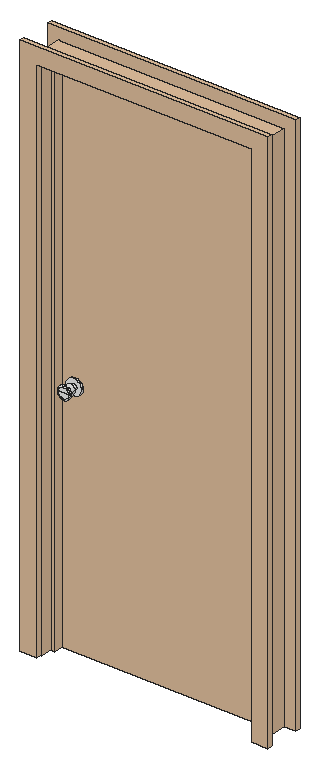
Revit family "557c720c14714f86b4fc32e0e598a222", category Doors, host Wall, Revit 2021
Family settings
  Host = Wall
  OmniClass Number = 23.30.10.00
  OmniClass Title = Doors
  Always vertical = Yes
  Cut with Voids When Loaded = No
  Shared = No
  Room Calculation Point = No
Parameters
  Visual Light Transmittance = 0
  Trim Material = Cherry
  Thickness = 1 3/8"
  Thermal Resistance (R) = 2.5876 (h·ft²·°F)/BTU
  Swing Angle [instance] = 90.00°
  Solar Heat Gain Coefficient = 0
  Rough Width = Width + 2"  # 34"
  Rough Height = Height + 1"  # 81"
  Panel Material = Cherry
  Height = 80"
  Wall Closure = By host
  Width = 32"
  Heat Transfer Coefficient (U) = 0.3865 BTU/(h·ft²·°F)
  Function = Interior
  Frame Material = Cherry
  Door Handle Material = Aluminum
  Assembly Code = "C1020300"
  Analytic Construction = "Wooden"
Reference planes (in)
  plane 1 "Center (Front/Back)": y = 0
  plane 2 "Center (Left/Right)": x = 0
  plane 3 "Left": x = -17
  plane 4 "Right": x = 17
  plane 5 "Top": z = 81
  plane 6 "Exterior": y = 2.125
  plane 7 "Interior": y = -2.375
  plane 8 "Door Panel Left": x = -16
  plane 9 "Door Panel Right": x = 16
  plane 10 "Top Of Panel": z = 80
  plane 11: z = 0
  plane 12: z = 0
  plane 13: x = 16.75
  plane 14: y = 0.75
  plane 15: y = -0.625
  plane 16: x = 15.5
  plane 17: y = 0.75
  plane 18: z = 39.9375
  plane 19: y = 1.20833
  plane 20: y = 1.66667
  plane 21: z = 36
Forms (in)
  Sweep 1, solid, material "Cherry" <- "Frame Material"
    path origin (0, 0, 0) x (1, 0, 0) y (0, 0, 1)
      loop
        line (17, 0) -> (17, 81) -> (-17, 81) -> (-17, 0)
    profile origin (17, 0, 40.5) x (-1, 0, 0) y (0, -1, 0)
      loop
        line (1, -2.125) -> (1, -0.75) -> (1.5, -0.75) -> (1.5, 0.625) -> (1, 0.625) -> (1, 2.375) -> (0, 2.375) -> (0, -2.125) -> (1, -2.125)
  Extrusion 2, solid, material "Cherry" <- "Panel Material"
    sketch origin (0, 0, 0) x (1, 0, 0) y (0, 0, 1)
      loop
        line (16, 80) -> (-16, 80) -> (-16, 0) -> (16, 0) -> (16, 80)
    from -2.125 to -0.75
  Sweep 3, solid, material "Cherry" <- "Trim Material", detail levels fine
    path origin (0, 2.125, 0) x (1, 0, 0) y (0, 0, 1)
      loop
        line (16, 0) -> (16, 80) -> (-16, 80) -> (-16, 0)
    profile "Casing Profile-Flat : 1x3" origin (16, 2.125, 40) x (-1, 0, 0) y (0, -1, 0)
      loop
        line (-0.25, -0.75) -> (-0.25, 0) -> (-2.75, 0) -> (-2.75, -0.75) -> (-0.25, -0.75)
  Sweep 4, solid, material "Cherry" <- "Trim Material", detail levels fine
    path origin (0, -2.375, 0) x (1, 0, 0) y (0, 0, 1)
      loop
        line (16, 0) -> (16, 80) -> (-16, 80) -> (-16, 0)
    profile "Casing Profile-Flat : 1x3" origin (16, -2.375, 40) x (-1, 0, 0) y (0, -1, 0)
      loop
        line (-0.25, 0.75) -> (-2.75, 0.75) -> (-2.75, 0) -> (-0.25, 0) -> (-0.25, 0.75)
Lines and regions (in)
  Opening 1
    outline origin (-90, -2.375, 0) x (1, 0, 0) y (0, 0, 1)
      loop
        line (73, 0) -> (107, 0) -> (107, 81) -> (73, 81) -> (73, 0)
  Masking region 1, detail levels coarse+medium
    outline origin (0, 0, 0) x (1, 0, 0) y (0, 1, 0)
      loop
        line (-17, 2.125) -> (-17, -2.375) -> (-16, -2.375) -> (-16, 2.125) -> (-17, 2.125)
      loop
        line (17, 2.125) -> (16, 2.125) -> (16, -2.375) -> (17, -2.375) -> (17, 2.125)
  Masking region 2, detail levels fine
    outline origin (-1, 0, 0) x (1, 0, 0) y (0, 1, 0)
      loop
        line (-16, 2.125) -> (-16, -2.375) -> (-15, -2.375) -> (-15, -0.625) -> (-14.5, -0.625) -> (-14.5, 0.75) -> (-15, 0.75) -> (-15, 2.125) -> (-16, 2.125)
      loop
        line (18, 2.125) -> (17, 2.125) -> (17, 0.75) -> (16.5, 0.75) -> (16.5, -0.625) -> (17, -0.625) -> (17, -2.375) -> (18, -2.375) -> (18, 2.125)
  Masking region 3, detail levels fine
    outline origin (0, 0, 0) x (1, 0, 0) y (0, 1, 0)
      loop
        line (-18.75, 2.875) -> (-18.75, 2.125) -> (-16.25, 2.125) -> (-16.25, 2.875) -> (-18.75, 2.875)
      loop
        line (-18.75, -2.375) -> (-18.75, -3.125) -> (-16.25, -3.125) -> (-16.25, -2.375) -> (-18.75, -2.375)
      loop
        line (16.25, 2.875) -> (16.25, 2.125) -> (18.75, 2.125) -> (18.75, 2.875) -> (16.25, 2.875)
      loop
        line (16.25, -2.375) -> (16.25, -3.125) -> (18.75, -3.125) -> (18.75, -2.375) -> (16.25, -2.375)
  Masking region 4
    outline origin (0, 0, 0) x (0, 1, 0) y (0, 0, 1)
      loop
        line (2.125, 81) -> (-2.375, 81) -> (-2.375, 80.75) -> (2.125, 80.75) -> (2.125, 81)
  symbolic lines, style "Elevation Swing"
    curve 1: line (-16, 2.125, 80) -> (16, 2.125, 40)
    curve 2: line (16, 2.125, 40) -> (-16, 2.125, 0)
Text (in)
  text "Exterior" at (-74.96733, 27.31104, 0), in view "Ref. Level"
  text "Interior" at (-74.96733, -25.14366, 0), in view "Ref. Level"
  text "Exterior" at (0, 40.15149, 123.01588), in view "Right"
  text "Interior" at (0, -64.39139, 123.01588), in view "Right"
  text "Interior" at (0, -31.01599, 123.00693), in view "Left"
  text "Exterior" at (0, 54.57065, 123.00693), in view "Left"
Dimensions and locks (in)
  equal spacing: plane 3 "Left", plane 2 "Center (Left/Right)", plane 4 "Right"
  "Rough Height": level to plane 5 "Top"
  equal spacing: plane 8 "Door Panel Left", plane 2 "Center (Left/Right)", plane 9 "Door Panel Right"
  "Width": plane 8 "Door Panel Left" to plane 9 "Door Panel Right"
  "Height": level to plane 10 "Top Of Panel"
  plane 11 to plane 12 = 0"
  locked: plane 13 to plane 4 "Right" at 0.25
  "Thickness": plane 14 to plane 6 "Exterior"
  locked: plane 14 to plane 15 at 1.375
  locked: plane 16 to plane 9 "Door Panel Right" at 0.5
  "Thickness": plane 6 "Exterior" to plane 17
  "Rough Width": plane 3 "Left" to plane 4 "Right"
  equal spacing: plane 17, plane 19, plane 20, plane 6 "Exterior"
  locked: plane 12 to plane 21 at 36
  equal spacing: plane 12, curve 2, plane 10 "Top Of Panel"
  locked: Masking region 4 sketch curve to plane 5 "Top" at 0.25
  aligned and locked: plane 3 "Left" to Opening 1 sketch curve
  aligned and locked: plane 5 "Top" to Opening 1 sketch curve  (x2)
  aligned and locked: Opening 1 sketch curve to plane 4 "Right"
  aligned and locked: Opening 1 sketch curve to level
  aligned and locked: plane 6 "Exterior" to host wall
  aligned and locked: plane 7 "Interior" to host wall
  aligned and locked: plane 5 "Top" to Sweep 1 sketch curve
  aligned and locked: plane 4 "Right" to Sweep 1 sketch curve  (x2)
  aligned and locked: Sweep 1 sketch curve to plane 3 "Left"
  aligned and locked: plane 11 to level
  aligned and locked: plane 11 to Sweep 1 sketch curve  (x2)
  aligned and locked: Sweep 1 sketch curve to plane 9 "Door Panel Right"
  aligned and locked: Sweep 1 sketch curve to host wall
  aligned and locked: Sweep 1 sketch curve to plane 7 "Interior"
  aligned and locked: Sweep 1 sketch curve to plane 15
  aligned and locked: Sweep 1 sketch curve to plane 16
  aligned and locked: plane 14 to Sweep 1 sketch curve
  aligned and locked: Extrusion 2 sketch curve to plane 10 "Top Of Panel"
  aligned and locked: Extrusion 2 sketch curve to plane 8 "Door Panel Left"
  aligned and locked: plane 9 "Door Panel Right" to Extrusion 2 sketch curve
  aligned and locked: Extrusion 2 sketch curve to plane 12
  aligned and locked: Extrusion 2 to plane 17
  aligned and locked: Extrusion 2 to plane 6 "Exterior"
  aligned and locked: nested 1 to plane 9 "Door Panel Right"
  aligned and locked: plane 6 "Exterior" to nested 1
  aligned and locked: nested 2 to plane 8 "Door Panel Left"
  aligned and locked: plane 6 "Exterior" to nested 2
  aligned and locked: plane 8 "Door Panel Left" to nested 3
  aligned and locked: nested 3 to plane 17
  aligned and locked: plane 9 "Door Panel Right" to Sweep 3 sketch curve
  aligned and locked: Sweep 3 sketch curve to plane 8 "Door Panel Left"
  aligned and locked: Sweep 3 sketch curve to plane 10 "Top Of Panel"
  aligned and locked: Sweep 4 sketch curve to plane 9 "Door Panel Right"
  aligned and locked: plane 10 "Top Of Panel" to Sweep 4 sketch curve
  aligned and locked: plane 8 "Door Panel Left" to Sweep 4 sketch curve
  aligned and locked: Masking region 1 sketch curve to plane 3 "Left"
  aligned and locked: plane 8 "Door Panel Left" to Masking region 1 sketch curve
  aligned and locked: Masking region 1 sketch curve to plane 7 "Interior"
  aligned and locked: plane 6 "Exterior" to Masking region 1 sketch curve
  aligned and locked: plane 9 "Door Panel Right" to Masking region 1 sketch curve
  aligned and locked: Masking region 1 sketch curve to plane 4 "Right"
  aligned and locked: plane 7 "Interior" to Masking region 1 sketch curve
  aligned and locked: Masking region 1 sketch curve to plane 6 "Exterior"
  aligned and locked: plane 11 to Sweep 3 sketch curve  (x2)
  aligned and locked: plane 11 to Sweep 4 sketch curve  (x2)
  aligned and locked: plane 8 "Door Panel Left" to Masking region 2 sketch curve
  aligned and locked: Masking region 2 sketch curve to plane 3 "Left"
  aligned and locked: Masking region 2 sketch curve to plane 7 "Interior"
  aligned and locked: plane 6 "Exterior" to Masking region 2 sketch curve
  aligned and locked: Masking region 2 sketch curve to nested 2  (x2)
  aligned and locked: Masking region 2 sketch curve to Sweep 1  (x3)
  aligned and locked: Masking region 3 sketch curve to Sweep 3  (x6)
  aligned and locked: Masking region 3 sketch curve to plane 6 "Exterior"  (x2)
  aligned and locked: plane 7 "Interior" to Masking region 3 sketch curve  (x2)
  aligned and locked: Masking region 3 sketch curve to Sweep 4  (x6)
  aligned and locked: Masking region 2 sketch curve to plane 4 "Right"
  aligned and locked: plane 9 "Door Panel Right" to Masking region 2 sketch curve  (x3)
  aligned and locked: plane 17 to Masking region 2 sketch curve
  aligned and locked: Sweep 1 to Masking region 2 sketch curve
  aligned and locked: plane 5 "Top" to Masking region 4 sketch curve
  aligned and locked: plane 6 "Exterior" to Masking region 4 sketch curve
  aligned and locked: Masking region 4 sketch curve to plane 7 "Interior"
Automatic sketch dimensions
  plane 16 to Sweep 1 sketch curve = 1/2"
  curve 2 to level = 0"
  curve 2 to plane 8 "Door Panel Left" = 0"
  curve 1 to plane 8 "Door Panel Left" = 0"
  curve 2 to plane 9 "Door Panel Right" = 0"
  curve 1 to plane 10 "Top Of Panel" = 0"
  Masking region 2 sketch curve to host wall = 0"  (x2)
  Masking region 2 sketch curve to plane 17 = 0"
Nested families (in)
  nested 1: "Door Swing-Single" at (16, 2.125, 0), Swing Angle <- "Swing Angle", type "Single"
    with Swing Visible yes, Swing Angle 90.00°, Actual Angle 90.00°, Width 32", Thickness 1 3/8"
  nested 2: "Handle Domestic" at (-16, 2.125, 36), type "Standard", detail levels fine
  nested 3: "Handle Domestic" at (-16, 0.75, 36), type "Standard", detail levels fine
Definition of nested family "Handle Domestic"
  Parameters (values of type "Standard")
    Manufacturer = ""
    Material = none
    Handle Z Distance = 0"
    Handle X Distance = 2 1/2"
    Analytic Construction = "<None>"
  Reference planes (in)
    plane 1 "Center (Front/Back)": y = 0
    plane 2: z = 0
    plane 3 "Center (Left/Right)": x = 0
    plane 4: z = 0
    plane 5: x = 2.5
  Forms (in)
    Extrusion 1, solid, material <- "Material"
      sketch origin (0, 0, 0) x (1, 0, 0) y (0, 0, 1)
        loop
          circle (2.5, 0) r 1.1811
      from 0 to -0.23622
    Revolve 2, solid, material <- "Material"
      sketch origin (0, 0, 0) x (0, -1, 0) y (1, 0, 0)
        loop
          line (-0.98425, 2.1063) -> (-0.23622, 2.1063) -> (-0.23622, 2.5) -> (-2.16535, 2.5) -> (-2.16535, 1.69386) -> (-2.09339, 1.51575) -> (-1.95703, 1.51575) -> (-0.98425, 1.76629) -> (-0.98425, 2.1063)
        axis (-0.23622, 2.5) -> (-2.16535, 2.5)
      angle from 0 to 360
  Dimensions and locks (in)
    "Handle Z Distance": plane 4 to level
    "Handle X Distance": plane 5 to plane 3 "Center (Left/Right)"
  Automatic sketch dimensions
    Extrusion 1 sketch curve to plane 4 = 0"
    Extrusion 1 sketch curve to plane 5 = 0"
    Revolve 2 sketch curve to plane 5 = 0"  (x2)
    Revolve 2 sketch curve to plane 1 "Center (Front/Back)" = 2.59843"
    Revolve 2 sketch curve to Revolve 2 sketch curve = 0.43307"
    Revolve 2 sketch curve to Revolve 2 sketch curve = 0.07196"
    Revolve 2 sketch curve to Revolve 2 sketch curve = 0.13637"
    Revolve 2 sketch curve to plane 1 "Center (Front/Back)" = 0.98425"
    Revolve 2 sketch curve to plane 1 "Center (Front/Back)" = 0.23622"
    Revolve 2 sketch curve to Revolve 2 sketch curve = 0"
    Revolve 2 sketch curve to Revolve 2 sketch curve = 0.3937"
    Revolve 2 sketch curve to Revolve 2 sketch curve = 0.34001"
    Revolve 2 sketch curve to Revolve 2 sketch curve = 0.80614"
    Revolve 2 sketch curve to Revolve 2 sketch curve = 0.17812"
    radius of Extrusion 1 sketch curve = 1.1811"
Definition of nested family "Door Swing-Single"
  Parameters
    Width = 36"
    Thickness = 1 3/4"
    Swing Visible [instance] = Swing Angle > 1.00°  # yes
    Swing Angle [instance] = 45.00°
    Assembly Code = ""
    Analytic Construction = "<None>"
    Actual Angle [instance] = if(Swing Angle < 1.00°, 1.00°, Swing Angle)  # 45.00°
  Reference planes (in)
    plane 1 "Center (Front/Back)": y = 0
    plane 2: z = 0
    plane 3 "Center (Left/Right)": x = 0
    plane 4: x = -36
  Lines and regions (in)
    Masking region 1
      outline origin (0, 0, 0) x (-0.707107, 0.707107, 0) y (-0.707107, -0.707107, 0)
        loop
          line (0, 0) -> (36, 0) -> (36, 1.75) -> (0, 1.75) -> (0, 0)
    symbolic lines
      curve 1: line (0, 0, 0) -> (-36, 0, 0)
    symbolic lines, visible <- "Swing Visible"
      curve 2: arc (-36, 0, 0) -> (-33.25966, 13.7766, 0) -> (-25.45584, 25.45584, 0) r 36
    reference lines
      curve 3: line (0, 0, 0) -> (-25.45584, 25.45584, 0)
    model lines
      curve 4: line (0, 0, 0) -> (0, 0, 1)
  Dimensions and locks (in)
    "Width": plane 4 to plane 3 "Center (Left/Right)"
    locked: curve 2 to plane 3 "Center (Left/Right)"
    locked: curve 2 to plane 1 "Center (Front/Back)"
    "Width": curve 3 to curve 3
    "Thickness": Masking region 1 sketch curve to Masking region 1 sketch curve
    locked: curve 4 to plane 2 at 1
    "Width": radius of curve 2
    "Actual Angle": angle curve 2 to curve 2
    "Swing Angle": angle curve 3 to plane 1 "Center (Front/Back)"
    aligned and locked: curve 1 to plane 1 "Center (Front/Back)"
    aligned and locked: plane 3 "Center (Left/Right)" to curve 1
    aligned and locked: plane 3 "Center (Left/Right)" to curve 3
    aligned and locked: plane 1 "Center (Front/Back)" to curve 3
    aligned and locked: curve 3 to Masking region 1 sketch curve
    aligned and locked: Masking region 1 sketch curve to curve 3  (x2)
    aligned and locked: plane 3 "Center (Left/Right)" to curve 4
    aligned and locked: plane 2 to curve 4
